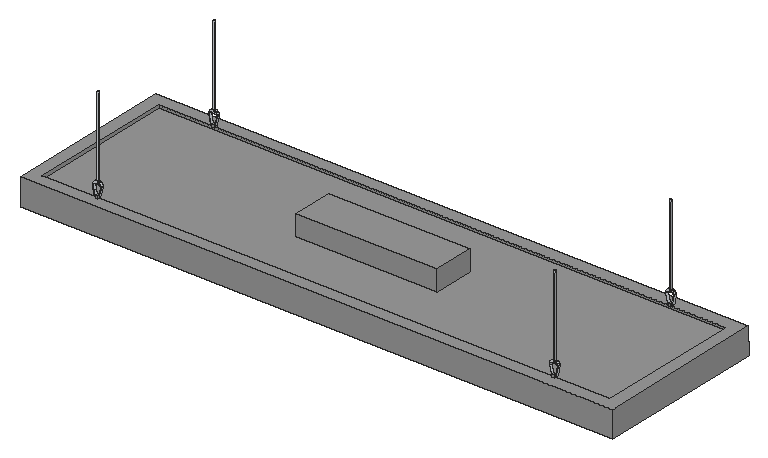
Revit family "HEFTY_4000K_24000LM_182W", category Lighting Fixtures, host Ceiling, Revit 2021
Family settings
  Host = Ceiling
  Round Connector Dimension = Use Diameter
  Part Type = Normal
  OmniClass Number = 23.80.70.11
  OmniClass Title = Luminaries for Internal Lighting
  Always vertical = Yes
  Cut with Voids When Loaded = No
  Light Source = Yes
  Shared = No
  Room Calculation Point = No
Parameters (values of type "Type 1")
  Wattage = 161.571 W
  built-in parameter 1150110 = 1 (stored number, unit not read)
  Type de lampe = "LED Mid Power"
  Type = "Luminaire industriel"
  built-in parameter 1114217 = 1 (stored number, unit not read)
  Tilt Angle = 90.00°
  Tension = "AC 220-240V"
  built-in parameter 1150109 = 1 (stored number, unit not read)
  built-in parameter 1150134 = 12
  built-in parameter 1150113 = 1 (stored number, unit not read)
  SDCM = "<3"
  Puissance nominale = "182W"
  Poids = "12 kg"
  Photometric Web File = "google_eulumdat_converter (6).ies"
  Matériau = "Acier galvanisé blanc"
  Maintien du flux = "L80B10 (50 000 heures)"
  Lumens = 24000 lm
  built-in parameter 1150115 = 1 (stored number, unit not read)
  built-in parameter 1150105 = 1909.9 (stored number, unit not read)
  built-in parameter 1150137 = (empty or 0)
  built-in parameter 1150139 = (empty or 0)
  built-in parameter 1150112 = 1 (stored number, unit not read)
  built-in parameter 1150114 = 1 (stored number, unit not read)
  built-in parameter 1150132 = 2
  built-in parameter 1150102 = (empty or 0)
  built-in parameter 1150138 = (empty or 0)
  built-in parameter 1150107 = 4000 (stored number, unit not read)
  built-in parameter 1150106 = 19.099 (stored number, unit not read)
  IRC = ">80"
  Emit from Rectangle Width = 609.6 mm
  Emit from Rectangle Length = 1219.2 mm
  Emit Shape Visible in Rendering = no
  built-in parameter 1150104 = 13.8 (stored number, unit not read)
  Durée de vie = "50 000 heures"
  Driver = "Driver Osram"
  Dimming Lamp Color Temperature Shift = <None>
  Dimensions = "1220x350x90 mm"
  Diffuseur = "Polycarbonate Opale"
  Default Elevation = 0 mm
  Color Filter = 16777215
  built-in parameter 1114218 = 1 (stored number, unit not read)
  built-in parameter 1150133 = 10 (stored number, unit not read)
  Angle d'éclairage = "90°"
Reference planes
  plane 1 "Light Source Axis (F/B)": y = 0
  plane 2: z = 0
  plane 3 "Light Source Axis (L/R)": x = 0
  plane 4 "Ceiling": z = 4000
  plane 5 "Light Source Elevation": z = 3750
Forms (mm)
  Extrusion 1, solid, material "Steel, Galvanized"
    sketch origin (0, 0, 4000) x (0, 1, 0) y (-1, 0, 0)
      loop
        line (175, 610) -> (-175, 610) -> (-175, -610) -> (175, -610) -> (175, 610)
      loop
        line (150, 585) -> (-150, 585) -> (-150, -585) -> (150, -585) -> (150, 585)
    from -250 to -196.102
  Extrusion 2, solid, material "Steel, Galvanized"
    sketch origin (0, 0, 4000) x (0, 1, 0) y (-1, 0, 0)
      loop
        line (150, 585) -> (-150, 585) -> (-150, -585) -> (150, -585) -> (150, 585)
    from -201.474 to -207.22
  Extrusion 3, solid, material "Steel, Galvanized"
    sketch origin (0, 0, 4000) x (0, 1, 0) y (-1, 0, 0)
      loop
        line (43.191, 147.964) -> (-41.809, 147.964) -> (-41.809, -142.036) -> (43.191, -142.036) -> (43.191, 147.964)
    from -207.22 to -160
  Extrusion 4, solid, material "Steel, Galvanized"
    sketch origin (195.234, -80.407, 4000) x (0, -1, 0) y (1, 0, 0)
      loop
        line (71.862, 277.481) -> (66.862, 277.481) -> (66.862, 272.481) -> (71.862, 272.481) -> (71.862, 277.481)
    from -196.102 to -190.59
  Extrusion 5, solid
    sketch origin (195.234, -80.407, 0) x (-1, 0, 0) y (0, 0, -1)
      loop
        line (-273.652, -3806.915) -> (-276.521, -3806.915) -> (-281.412, -3807.954) -> (-284.54, -3827.708)
        arc (-284.54, -3827.708) -> (-274.506, -3835.045) -> (-266.484, -3825.549) r 9.115
        line (-266.484, -3825.549) -> (-270.251, -3807.826) -> (-273.652, -3806.915)
      loop
        line (-274.011, -3807.991) -> (-276.306, -3807.991) -> (-279.848, -3808.744) -> (-282.81, -3827.45)
        arc (-282.81, -3827.45) -> (-274.423, -3831.527) -> (-267.537, -3825.237) r 8.303
        line (-267.537, -3825.237) -> (-271.034, -3808.788) -> (-274.011, -3807.991)
    from 67.418 to 71.074
  Extrusion 6, solid, material "Glass, White, High Luminance"
    sketch origin (0, 0, 4000) x (0, 1, 0) y (-1, 0, 0)
      loop
        line (150, 585) -> (-150, 585) -> (-150, -585) -> (150, -585) -> (150, 585)
    from -250 to -245.079
  Extrusion 7, solid
    sketch origin (195.234, -80.407, 4000) x (0, -1, 0) y (1, 0, 0)
      loop
        circle (68.947, 275) r 1.348
    from -170.446 to 0
  Extrusion 8, solid, material "Steel, Galvanized"
    sketch origin (195.234, 80.407, 4000) x (0, -1, 0) y (1, 0, 0)
      loop
        line (-71.862, 277.481) -> (-71.862, 272.481) -> (-66.862, 272.481) -> (-66.862, 277.481) -> (-71.862, 277.481)
    from -196.102 to -190.59
  Extrusion 9, solid
    sketch origin (195.234, 80.407, 0) x (-1, 0, 0) y (0, 0, 1)
      loop
        line (-273.652, 3806.915) -> (-270.251, 3807.826) -> (-266.484, 3825.549)
        arc (-266.484, 3825.549) -> (-274.506, 3835.045) -> (-284.54, 3827.708) r 9.115
        line (-284.54, 3827.708) -> (-281.412, 3807.954) -> (-276.521, 3806.915) -> (-273.652, 3806.915)
      loop
        line (-274.011, 3807.991) -> (-271.034, 3808.788) -> (-267.537, 3825.237)
        arc (-267.537, 3825.237) -> (-274.423, 3831.527) -> (-282.81, 3827.45) r 8.303
        line (-282.81, 3827.45) -> (-279.848, 3808.744) -> (-276.306, 3807.991) -> (-274.011, 3807.991)
    from 67.418 to 71.074
  Extrusion 10, solid
    sketch origin (195.234, 80.407, 4000) x (0, -1, 0) y (1, 0, 0)
      loop
        circle (-68.947, 275) r 1.348
    from -170.446 to 0
  Extrusion 11, solid, material "Steel, Galvanized"
    sketch origin (-195.234, 80.407, 4000) x (0, 1, 0) y (-1, 0, 0)
      loop
        line (71.862, 277.481) -> (66.862, 277.481) -> (66.862, 272.481) -> (71.862, 272.481) -> (71.862, 277.481)
    from -196.102 to -190.59
  Extrusion 12, solid
    sketch origin (-195.234, 80.407, 0) x (1, 0, 0) y (0, 0, -1)
      loop
        line (-273.652, -3806.915) -> (-276.521, -3806.915) -> (-281.412, -3807.954) -> (-284.54, -3827.708)
        arc (-284.54, -3827.708) -> (-274.506, -3835.045) -> (-266.484, -3825.549) r 9.115
        line (-266.484, -3825.549) -> (-270.251, -3807.826) -> (-273.652, -3806.915)
      loop
        line (-274.011, -3807.991) -> (-276.306, -3807.991) -> (-279.848, -3808.744) -> (-282.81, -3827.45)
        arc (-282.81, -3827.45) -> (-274.423, -3831.527) -> (-267.537, -3825.237) r 8.303
        line (-267.537, -3825.237) -> (-271.034, -3808.788) -> (-274.011, -3807.991)
    from 67.418 to 71.074
  Extrusion 13, solid
    sketch origin (-195.234, 80.407, 4000) x (0, 1, 0) y (-1, 0, 0)
      loop
        circle (68.947, 275) r 1.348
    from -170.446 to 0
  Extrusion 14, solid, material "Steel, Galvanized"
    sketch origin (-195.234, -80.407, 4000) x (0, 1, 0) y (-1, 0, 0)
      loop
        line (-71.862, 277.481) -> (-71.862, 272.481) -> (-66.862, 272.481) -> (-66.862, 277.481) -> (-71.862, 277.481)
    from -196.102 to -190.59
  Extrusion 15, solid
    sketch origin (-195.234, -80.407, 0) x (1, 0, 0) y (0, 0, 1)
      loop
        line (-273.652, 3806.915) -> (-270.251, 3807.826) -> (-266.484, 3825.549)
        arc (-266.484, 3825.549) -> (-274.506, 3835.045) -> (-284.54, 3827.708) r 9.115
        line (-284.54, 3827.708) -> (-281.412, 3807.954) -> (-276.521, 3806.915) -> (-273.652, 3806.915)
      loop
        line (-274.011, 3807.991) -> (-271.034, 3808.788) -> (-267.537, 3825.237)
        arc (-267.537, 3825.237) -> (-274.423, 3831.527) -> (-282.81, 3827.45) r 8.303
        line (-282.81, 3827.45) -> (-279.848, 3808.744) -> (-276.306, 3807.991) -> (-274.011, 3807.991)
    from 67.418 to 71.074
  Extrusion 16, solid
    sketch origin (-195.234, -80.407, 4000) x (0, 1, 0) y (-1, 0, 0)
      loop
        circle (-68.947, 275) r 1.348
    from -170.446 to 0
Lines and regions (mm)
  reference lines
    curve 1: line (0, 0, 4000) -> (325, 0, 4000)
    curve 2: line (0, 0, 4000) -> (-325, 0, 4000)
    curve 3: line (-325, 0, 4000) -> (-325, 95, 4000)
    curve 4: line (-325, 95, 4000) -> (325, 95, 4000)
    curve 5: line (325, 95, 4000) -> (325, -95, 4000)
    curve 6: line (325, -95, 4000) -> (-325, -95, 4000)
    curve 7: line (-325, -95, 4000) -> (-325, 0, 4000)
    curve 8: line (0, 0, 4000) -> (225, 0, 4000)
    curve 9: line (225, 0, 4000) -> (225, -70, 4000)
    curve 10: line (225, -70, 4000) -> (-275, -70, 4000)
    curve 11: line (-275, 70, 4000) -> (225, 70, 4000)
    curve 12: line (-325, 0, 4000) -> (-300, 0, 4000)
    curve 13: line (-300, 0, 4000) -> (-300, 5, 4000)
    curve 14: line (325, 0, 4000) -> (300, 0, 4000)
    curve 15: line (0, 0, 3750) -> (0, 0, 3840)
    curve 16: line (0, 0, 4000) -> (610, 0, 4000)
    curve 17: line (610, 0, 4000) -> (610, 25, 4000)
    curve 18: line (0, 0, 4000) -> (-610, 0, 4000)
    curve 19: line (0, -70, 4000) -> (470, -70, 4000)
    curve 20: line (470, -70, 4000) -> (470, -55, 4000)
    curve 21: line (325, 0, 4000) -> (325, 175, 4000)
    curve 22: line (325, 0, 4000) -> (325, -175, 4000)
Dimensions and locks
  equal spacing: host sketch curve, plane 3 "Light Source Axis (L/R)", host sketch curve
  equal spacing: host sketch curve, plane 1 "Light Source Axis (F/B)", host sketch curve
  host sketch curve to host sketch curve = 4000 mm  (x2)
  plane 4 "Ceiling" to host ceiling = 0 mm
  aligned and locked: plane 3 "Light Source Axis (L/R)" to imposter light
  aligned and locked: plane 1 "Light Source Axis (F/B)" to imposter light
  aligned and locked: plane 5 "Light Source Elevation" to imposter light
